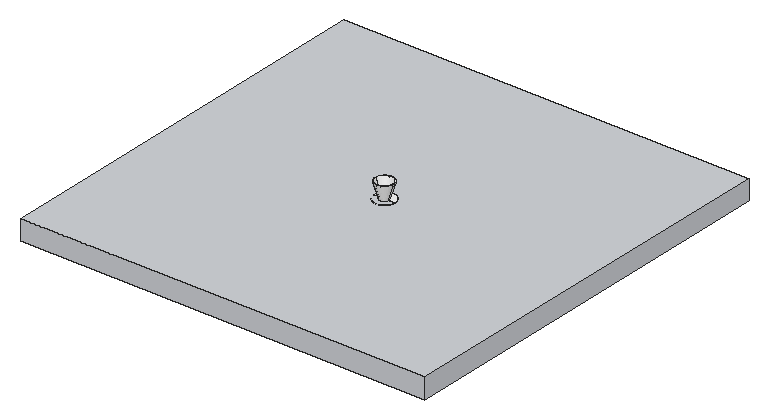
Revit family
Parameters (values of type "6"")
  WFU = 0
  URL = "WWW,MIFAB.COM"
  Strainer Diameter = 5.000"
  Strainer Adjustment [instance] = 2.690"
  Pipe Radius = Pipe Diameter / 2  # 3.000"
  Pipe Diameter = 6.000"
  Model = "F1100-C-EF"
  Manufacturer = "MIFAB"
  Floor Drain Material = Paint - Sherwin Williams Paint - #952C2A - Bellwood Red
  Domestic Cold Water Radius = 0.250"
  Domestic Cold Water Diameter = Domestic Cold Water Radius * 2  # 0.500"
  Description = "FLOOR DRAIN WITH ROUND ADJUSTABLE STRAINER AND 4\" FUNNEL"
  Default Elevation = 0.000"
  CWFU = 0
  Body Height = 4.750"
Types (6): name | URL | Pipe Radius | Pipe Diameter | Body Height
  (no name) | "WWW,MIFAB.COM" | 3.000" | 6.000" | 4.750"
  2" | "WWW.MIFAB.COM" | 1.000" | 2.000" | 3.375"
  3" | "WWW.MIFAB.COM" | 1.500" | 3.000" | 3.375"
  6" | "WWW,MIFAB.COM" | 3.000" | 6.000" | 4.750"
  4" | "WWW.MIFAB.COM" | 2.000" | 4.000" | 3.375"
  5" | "WWW.MIFAB.COM" | 2.500" | 5.000" | 3.375"
Reference planes (in)
  plane 1 "Center (Front/Back)": y = 0
  plane 2: z = 0
  plane 3 "Center (Left/Right)": x = 0
  plane 4: z = -2.69
  plane 5: z = -7.44
  plane 6: x = -3
  plane 7: z = -4.84909
  plane 8: y = 2.5
  plane 9: y = -2.5
  plane 10: z = -2.89883
  plane 11: z = -2.48117
  plane 12: x = -2.5
  plane 13: x = 2.5
  plane 14: x = 3
  plane 15: z = -3.87396
  plane 16: z = 3.75
  plane 17: x = -2.16
  plane 18: x = -1
  plane 19: x = 2.16
  plane 20: x = 1
  plane 21: x = -4
  plane 22: x = 4
Forms (in)
  Extrusion 1, solid
    sketch origin (0, 0, 0) x (1, 0, 0) y (0, 1, 0)
      loop
        line (-48, 48) -> (-48, -48) -> (48, -48) -> (48, 48) -> (-48, 48)
    from 0 to -4.78484
  Extrusion 2, solid, material "Paint - Sherwin Williams Paint - #952C2A - Bellwood Red" <- "Floor Drain Material"
    sketch origin (0, 0, 0) x (1, 0, 0) y (0, 1, 0)
      loop
        circle (0, 0) r 4
    from -2.89883 to -2.69
  Revolve 3, solid, material "Paint - Sherwin Williams Paint - #952C2A - Bellwood Red" <- "Floor Drain Material"
    sketch origin (0, 0, 0) x (1, 0, 0) y (0, 0, 1)
      loop
        line (-3.33333, -2.69) -> (-3.33333, -4.84909) -> (-3.12485, -5.40984) -> (-3.12485, -7.44) -> (-3, -7.44) -> (-3, -2.69) -> (-3.33333, -2.69)
      axis (0, -2.69) -> (0, -7.44)
    angle from 0 to 360
  Revolve 4, solid, material "Paint - Sherwin Williams Paint - #952C2A - Bellwood Red" <- "Floor Drain Material"
    sketch origin (0, 0, 4.75) x (1, 0, 0) y (0, 0, 1)
      loop
        line (-2.5, -4.75) -> (-2.5, -5.25) -> (-2.19379, -5.25) -> (-2.19379, -5.5) -> (-2.39714, -5.5) -> (-2.39714, -7.23117) -> (0, -7.23117) -> (0, -4.75) -> (-2.5, -4.75)
      axis (0, -4.75) -> (0, -7.23117)
    angle from 0 to 360
  Extrusion 5, solid, material "Paint - Sherwin Williams Paint - #952C2A - Bellwood Red" <- "Floor Drain Material"
    sketch origin (0, 0, 0.20883) x (0, -1, 0) y (1, 0, 0)
      loop
        circle (0, 0) r 4
    from -2.89883 to -2.69
  Revolve 6, solid, material "Paint - Sherwin Williams Paint - #952C2A - Bellwood Red" <- "Floor Drain Material"
    sketch origin (-0.3125, 0, 0) x (1, 0, 0) y (0, 0, 1)
      loop
        line (-3.39323, -3.87396) -> (-2.5, -3.87396) -> (-2.5, -3.56372) -> (-3.15898, -3.56372) -> (-3.21922, -3.62396) -> (-3.39323, -3.62396) -> (-3.39323, -3.87396)
      axis (-2.5, -3.87396) -> (-3.39323, -3.87396)
    angle from 0 to 360
  Revolve 7, solid, material "Paint - Sherwin Williams Paint - #952C2A - Bellwood Red" <- "Floor Drain Material"
    sketch origin (0, 0, 0) x (1, 0, 0) y (0, 0, 1)
      loop
        line (-2.16, 3.75) -> (-1, 0) -> (0, 0) -> (0, 0.39583) -> (-1, 0.39583) -> (-2.03756, 3.75) -> (-2.16, 3.75)
      axis (0, 0) -> (0, 3.75)
    angle from 0 to 360
Cuts and joins
  joined: Extrusion 2, Revolve 3, Revolve 6
  joined: Revolve 4, Extrusion 5
Lines and regions (in)
  symbolic lines
    curve 1: circle (0, 0, 0) r 2.5 normal (0, 0, 1)
    curve 2: circle (0, 0, 0) r 2.5 normal (0, 0, 1)
    curve 3: circle (0, 0, 0) r 0.20046 normal (0, 0, 1)
    curve 4: circle (0, 0, 0) r 2.16 normal (0, 0, 1)
    curve 5: circle (0, 0, 0) r 2 normal (0, 0, 1)
Dimensions and locks (in)
  "Strainer Adjustment": Extrusion 1 to plane 4
  "Body Height": plane 5 to plane 4
  locked: plane 4 to Extrusion 2 at 0.20883
  "Pipe Radius": plane 3 "Center (Left/Right)" to plane 6
  locked: Revolve 3 sketch curve to plane 6 at 0.12485
  Revolve 3 sketch curve to plane 3 "Center (Left/Right)" = 3.33333"
  equal spacing: plane 8, plane 1 "Center (Front/Back)", plane 9
  level to plane 4 = 2.690"
  plane 11 to plane 4 to plane 10 = 0.20883" locked, 0.20883" locked
  equal spacing: plane 12, plane 3 "Center (Left/Right)", plane 13
  "Strainer Diameter": plane 12 to plane 13
  locked: plane 3 "Center (Left/Right)" to plane 14 at 3
  equal spacing: plane 10, plane 15, plane 7
  Revolve 6 sketch curve to Revolve 6 sketch curve to plane 15 = 0.06024" locked, 0.250" locked
  plane 3 "Center (Left/Right)" to Revolve 6 sketch curve to Revolve 6 sketch curve to Revolve 6 sketch curve = 2.8125" locked, 0.65898" locked, 0.23425" locked
  plane 3 "Center (Left/Right)" to Revolve 4 sketch curve to Revolve 4 sketch curve = 2.19379" locked, 0.20334" locked
  locked: plane 16 to level at 3.75
  equal spacing: plane 19, plane 3 "Center (Left/Right)", plane 17  (x2)
  equal spacing: plane 20, plane 3 "Center (Left/Right)", plane 18
  locked: plane 20 to plane 18 at 2
  locked: plane 19 to plane 17 at 4.32
  locked: Revolve 7 sketch curve to Revolve 7 sketch curve at 0.11697
  equal spacing: plane 22, plane 3 "Center (Left/Right)", plane 21
  plane 22 to plane 21 = 8.000"
  locked: plane 7 to plane 5 at 2.59091
  radius of Extrusion 2 sketch curve = 4.000"
  radius of Extrusion 5 sketch curve = 4.000"
  radius of curve 1 = 2.500"
  aligned and locked: plane 2 to Extrusion 1
  aligned and locked: level to Extrusion 1
  aligned and locked: Extrusion 2 to plane 4
  aligned and locked: plane 6 to Revolve 3 sketch curve
  aligned and locked: plane 4 to Revolve 3 sketch curve
  aligned and locked: Extrusion 1 to Revolve 4 sketch curve
  aligned and locked: Revolve 4 sketch curve to Revolve 4 sketch curve
  aligned and locked: Extrusion 5 to plane 4
  aligned and locked: plane 10 to cut or joined group of Extrusion 2, Revolve 3, Revolve 6
  aligned and locked: Extrusion 5 to plane 11
  aligned and locked: cut or joined group of Extrusion 2, Revolve 3, Revolve 6 to plane 10
  aligned and locked: plane 12 to Revolve 4 sketch curve
  aligned and locked: Revolve 4 sketch curve to plane 3 "Center (Left/Right)"
  aligned and locked: nested 1 to plane 14
  aligned and locked: plane 11 to nested 1
  aligned and locked: plane 15 to Revolve 6 sketch curve  (x2)
  aligned and locked: Revolve 4 sketch curve to plane 11
  aligned and locked: plane 3 "Center (Left/Right)" to Revolve 7 sketch curve  (x2)
  aligned and locked: plane 16 to Revolve 7 sketch curve
  aligned and locked: plane 17 to Revolve 7 sketch curve
  aligned and locked: Revolve 7 sketch curve to level
  aligned and locked: Extrusion 1 to nested 2
  aligned and locked: plane 3 "Center (Left/Right)" to nested 2
Automatic sketch dimensions
  Extrusion 1 sketch curve to Extrusion 1 sketch curve = 96.000"  (x2)
  plane 1 "Center (Front/Back)" to Extrusion 2 sketch curve = 0.000"
  Extrusion 2 sketch curve to plane 3 "Center (Left/Right)" = 0.000"
  Revolve 3 sketch curve to plane 3 "Center (Left/Right)" = 0.000"
  Revolve 3 sketch curve to plane 5 = 0.000"
  Revolve 3 sketch curve to plane 7 = 0.000"
  Revolve 3 sketch curve to plane 5 = 1.01058"
  Revolve 3 sketch curve to plane 7 = 0.56075"
  Revolve 3 sketch curve to level = 0.37891"
  plane 1 "Center (Front/Back)" to Extrusion 5 sketch curve = 0.000"
  Extrusion 5 sketch curve to plane 3 "Center (Left/Right)" = 0.000"
  Revolve 6 sketch curve to Revolve 6 sketch curve = 0.06024"
  Revolve 6 sketch curve to Revolve 6 sketch curve = 0.750"
  Revolve 6 sketch curve to Revolve 6 sketch curve = 4.000"
  plane 7 to Revolve 4 sketch curve = 0.21101"
  Revolve 4 sketch curve to level = 0.750"
  Revolve 4 sketch curve to Revolve 4 sketch curve = 0.250"
  level to Revolve 4 sketch curve = 4.37109"
  Revolve 7 sketch curve to plane 18 = 0.000"  (x2)
  plane 16 to Revolve 7 sketch curve = 4.500"
  Revolve 7 sketch curve to Revolve 7 sketch curve = 1.000"
  curve 1 to curve 3 = 0.000"
  curve 1 to curve 4 = 0.000"
  curve 2 to curve 3 = 0.000"  (x2)
  curve 2 to curve 5 = 0.000"
  curve 3 to curve 4 = 0.000"
  plane 1 "Center (Front/Back)" to curve 2 = 0.000"
  curve 2 to plane 3 "Center (Left/Right)" = 0.000"
  curve 1 to curve 2 = 0.000"
  curve 1 to curve 5 = 0.000"
  radius of curve 2 = 2.500"
  radius of curve 3 = 0.20046"
  radius of curve 4 = 2.160"
  radius of curve 5 = 2.000"
Nested families (in)
  nested 1: "Family1" at (3, 0, -2.48117), type "Family1"
  nested 2: "2" at (0, 0, 0), type "2"
  nested 3: "Family1" at (-1.5, 2.59808, -2.48117) x (-0.5, 0.866, 0) z (0, 0, 1), type "Family1"
  nested 4: "Family1" at (-1.5, -2.59808, -2.48117) x (-0.5, -0.866, 0) z (0, 0, 1), type "Family1"
Connectors (in)
  piping at (0, 0, -7.44), driven by "Pipe Radius", driven by "WFU"
    settings: on cut or joined group of Extrusion 2, Revolve 3, Revolve 6, index 1, connector radius 3", flow factor 0, pipe flow 0 GPM, pressure drop 0.00 psi, fitting loss kfactor 0, connector angle 0.00°, fixture units 0, flow configuration 3, flow direction 2, fitting loss method 0, system type 16, connector reference index -1, connector utility 0, adjustable connector no, is connector primary yes, fitting loss table "", connector description "Sanitary Out"
  piping at (-3.70573, 0, -3.87396), driven by "CWFU", driven by "Domestic Cold Water Radius"
    settings: on Revolve 6, index 2, connector radius 1/4", flow factor 0, pipe flow 0 GPM, pressure drop 0.00 psi, fitting loss kfactor 0, connector angle 0.00°, fixture units 0, flow configuration 3, flow direction 1, fitting loss method 0, system type 20, connector reference index -1, connector utility 0, adjustable connector no, is connector primary no, fitting loss table "", connector description "Domestic Cold Water In"
Definition of nested family "Family1"
  Parameters (values of type "Family1")
    Material = none
    Assembly Code = ""
  Reference planes (in)
    plane 1 "Center (Front/Back)": y = 0
    plane 2: z = 0
    plane 3 "Center (Left/Right)": x = 0
    plane 4: z = 0.28161
    plane 5: z = -0.25
  Forms (in)
    Extrusion 1, solid, material <- "Material"
      sketch origin (0, 0, 0) x (1, 0, 0) y (0, 1, 0)
        loop
          circle (0, 0) r 0.20046
      from -0.93167 to 0
    Extrusion 2, solid, material <- "Material"
      sketch origin (0, 0, 0) x (1, 0, 0) y (0, 1, 0)
        loop
          circle (0, 0) r 0.3
      from 0 to 0.28161
  Dimensions and locks (in)
    level to plane 5 = 0.250"
    aligned and locked: plane 2 to level
    aligned and locked: Extrusion 2 to level
    aligned and locked: level to Extrusion 1
    aligned and locked: plane 4 to Extrusion 2
Definition of nested family "2"
  Parameters (values of type "2")
    Floor Drain Material = none
    Assembly Code = ""
  Reference planes (in)
    plane 1 "Center (Front/Back)": y = 0
    plane 2: z = 0
    plane 3 "Center (Left/Right)": x = 0
    plane 4: z = 0
    plane 5: z = -0.25
    plane 6: z = -0.28161
    plane 7: z = -0.88708
    plane 8: z = 0.5
  Forms (in)
    Extrusion 1, solid, material <- "Floor Drain Material"
      sketch origin (0, 0, 0) x (0, 1, 0) y (-1, 0, 0)
        loop
          circle (0, 0) r 0.20046
      from 0.62623 to 0
    Extrusion 2, solid, material <- "Floor Drain Material"
      sketch origin (0, 0, 0) x (0, 1, 0) y (-1, 0, 0)
        loop
          circle (0, 0) r 0.3
      from -0.28161 to 0
  Dimensions and locks (in)
    aligned and locked: plane 2 to level
    aligned: Extrusion 2 to level
    aligned and locked: level to Extrusion 1
    aligned and locked: plane 4 to Extrusion 2
